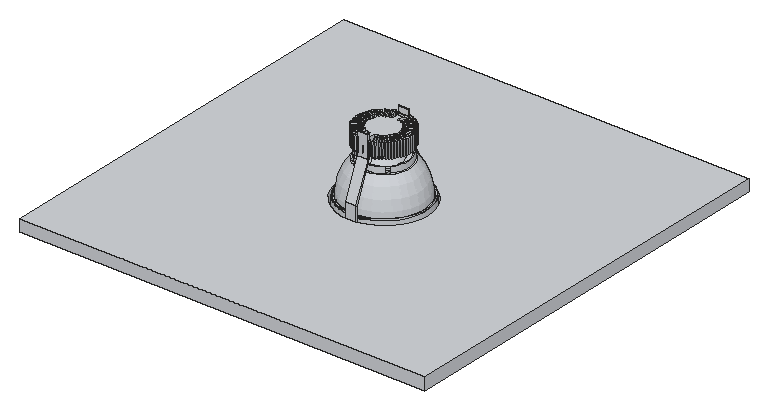
Revit family "VPX143 Corner Wallwasher", category Lighting Fixtures, Revit 2014
Parameters (values of type "VPX143 Corner Wallwasher")
  Wattage Comments = "19.5"
  Wattage = 19.5 W
  built-in parameter 1150110 = 1 (stored number, unit not read)
  Type Comments = "Recessed"
  Type = "VPX143 Corner Wallwasher"
  built-in parameter 1114217 = 1 (stored number, unit not read)
  Tilt Angle = 90.00°
  built-in parameter 1150109 = 1 (stored number, unit not read)
  built-in parameter 1150134 = (empty or 0)
  built-in parameter 1150113 = 1 (stored number, unit not read)
  Photometric Web File = "C3708.ies"
  O/A Diameter (mm) = "143"
  Model = "VPX143 Corner Wallwasher"
  Manufacturer = "Designed Architectural Lighting"
  Luminous flux of luminaire (lm) = "2000"
  Lumens = 1998.75 lm
  built-in parameter 1150115 = 1 (stored number, unit not read)
  built-in parameter 1150105 = 159.06 (stored number, unit not read)
  built-in parameter 1150137 = (empty or 0)
  built-in parameter 1150139 = (empty or 0)
  built-in parameter 1150112 = 1 (stored number, unit not read)
  built-in parameter 1150114 = 1 (stored number, unit not read)
  Lamp = "LED"
  built-in parameter 1150132 = (empty or 0)
  built-in parameter 1150102 = (empty or 0)
  built-in parameter 1150138 = (empty or 0)
  built-in parameter 1150107 = 3000 (stored number, unit not read)
  built-in parameter 1150106 = 1.5906 (stored number, unit not read)
  Height (mm) = "125"
  built-in parameter 1150104 = 9.5226 (stored number, unit not read)
  Dimming Lamp Color Temperature Shift = <None>
  Description = "Recessed low brightness LED corner wallwasher"
  Cut Out (mm) = "131"
  Colour temperature (K) = "27000/3000/3500/4000"
  Color Filter = 16777215
  CRI = "80"
  built-in parameter 1114218 = 1 (stored number, unit not read)
  built-in parameter 1150133 = 10 (stored number, unit not read)
  Apparent Load = 19.5 VA
  Aperture (mm) = "100"
Reference planes
  plane 1 "Light Source Axis (F/B)": y = 0
  plane 2: z = 0
  plane 3 "Light Source Axis (L/R)": x = 0
  plane 4 "Light Source Elevation": z = 0
Forms (mm)
  Revolve 1, solid
    sketch origin (0, 0, 0) x (0, 1, 0) y (0, 0, 1)
      loop
        line (32.218, 76.537) -> (28.444, 76.537)
        arc (28.444, 76.537) -> (26.215, 75.748) -> (24.979, 73.732) r 3.542
        arc (24.979, 73.732) -> (15.057, 61.32) -> (0, 56.241) r 28.205
        line (0, 56.241) -> (0, 53.625)
        arc (0, 53.625) -> (17.499, 59.158) -> (28.444, 73.891) r 29.818
        line (28.444, 73.891) -> (32.218, 73.891) -> (32.218, 76.537)
      axis (0, 76.537) -> (0, 53.625)
    angle from 0 to 360
  Extrusion 2, solid
    sketch origin (1.875, -0.625, 0) x (1, 0, 0) y (0, 1, 0)
      loop
        line (-8.491, -38.066) -> (-8.491, -39.735) -> (6.509, -39.735) -> (6.509, -38.066) -> (-8.491, -38.066)
    from 92.996 to 125.22
  Extrusion 3, solid
    sketch origin (2.075, 80.578, 0) x (1, 0, 0) y (0, 1, 0)
      loop
        line (-9.083, -44.263) -> (-9.083, -45.652) -> (5.917, -45.652) -> (5.917, -44.263) -> (-9.083, -44.263)
    from 92.996 to 126.242
  Extrusion 4, solid
    sketch origin (2.075, -30.991, 0) x (1, 0, 0) y (0, 1, 0)
      loop
        line (-8.69, -30.82) -> (-8.69, -32.379) -> (6.31, -32.379) -> (6.31, -30.82) -> (-8.69, -30.82)
    from 3.8 to 40.975
  Extrusion 5, solid
    sketch origin (2.075, -21.759, 34.16) x (1, 0, 0) y (0, 0.914866, -0.403758)
      loop
        line (-8.69, -39.191) -> (-8.69, -40.839) -> (6.31, -40.839) -> (6.31, -39.191) -> (-8.69, -39.191)
    from -10.751 to 47.238
  Extrusion 6, solid
    sketch origin (2.075, 94.051, 69.507) x (1, 0, 0) y (0, 0.889554, 0.45683)
      loop
        line (-9.083, -40.714) -> (-9.083, -41.951) -> (5.917, -41.951) -> (5.917, -40.714) -> (-9.083, -40.714)
    from -11.237 to 48.07
  Extrusion 7, solid
    sketch origin (2.075, 110.905, 0) x (1, 0, 0) y (0, 1, 0)
      loop
        line (-9.083, -47.907) -> (-9.083, -49.183) -> (5.917, -49.183) -> (5.917, -47.907) -> (-9.083, -47.907)
    from 3.8 to 40.975
  Revolve 8, solid
    sketch origin (0, -0.008, 0) x (0, 1, 0) y (0, 0, 1)
      loop
        line (71.987, 0) -> (71.987, 2.117) -> (63.944, 2.117) -> (63.944, 3.8) -> (61.663, 3.8) -> (61.663, 24.673) -> (60.84, 24.673) -> (60.84, 26.768) -> (59.68, 26.768) -> (59.68, 1.768) -> (61.999, 1.768) -> (61.999, 0) -> (71.987, 0)
      axis (0, 26.768) -> (0, 0)
    angle from 0 to 360
  Extrusion 9, solid
    sketch origin (-38.915, -66.166, 2.266) x (1, 0, 0) y (0, 1, 0)
      loop
        line (-261.085, 366.181) -> (-261.085, -233.819) -> (338.915, -233.819) -> (338.915, 366.181) -> (-261.085, 366.181)
      loop
        circle (38.915, 66.181) r 65.5
    from 0 to 18
  Revolve 10, solid
    sketch origin (0, 0, 0) x (0, 1, 0) y (0, 0, 1)
      loop
        line (32.58, 77.504) -> (25.618, 77.504) -> (19.543, 86.509)
        arc (19.543, 86.509) -> (19.242, 88.412) -> (20.857, 89.461) r 1.768
        line (20.857, 89.461) -> (27.065, 89.461)
        arc (27.065, 89.461) -> (28.652, 90.036) -> (29.779, 91.291) r 3.466
        line (29.779, 91.291) -> (29.779, 96.291) -> (28.776, 96.291) -> (28.776, 92.372)
        arc (28.776, 92.372) -> (28.206, 90.996) -> (26.83, 90.426) r 1.946
        line (26.83, 90.426) -> (20.734, 90.426)
        arc (20.734, 90.426) -> (18.503, 89.004) -> (18.665, 86.364) r 2.606
        line (18.665, 86.364) -> (25.283, 76.552) -> (32.58, 76.552) -> (32.58, 77.504)
      axis (0, 96.291) -> (0, 76.552)
    angle from 0 to 360
  Extrusion 11, solid
    sketch origin (0.632, -2.118, 0) x (0, 1, 0) y (-1, 0, 0)
      loop
        line (8.036, -21.346) -> (9.763, -25.224)
        arc (9.763, -25.224) -> (9.158, -26.377) -> (9.105, -27.677) r 2.965
        line (9.105, -27.677) -> (12.96, -37.219)
        arc (12.96, -37.219) -> (13.673, -37.522) -> (13.976, -36.809) r 0.548
        line (13.976, -36.809) -> (10.23, -27.537)
        arc (10.23, -27.537) -> (10.843, -26.092) -> (12.288, -26.705) r 1.11
        line (12.288, -26.705) -> (16.28, -35.672)
        arc (16.28, -35.672) -> (17.02, -35.956) -> (17.304, -35.216) r 0.56
        line (17.304, -35.216) -> (13.182, -25.959)
        arc (13.182, -25.959) -> (12.31, -24.958) -> (11.028, -24.618) r 2.262
        line (11.028, -24.618) -> (9.403, -20.596) -> (11.989, -19.445) -> (14.463, -22.849)
        arc (14.463, -22.849) -> (14.111, -24.102) -> (14.33, -25.385) r 2.965
        line (14.33, -25.385) -> (20.084, -33.917)
        arc (20.084, -33.917) -> (20.845, -34.065) -> (20.992, -33.305) r 0.548
        line (20.992, -33.305) -> (15.4, -25.014)
        arc (15.4, -25.014) -> (15.7, -23.474) -> (17.241, -23.773) r 1.11
        line (17.241, -23.773) -> (23.009, -31.713)
        arc (23.009, -31.713) -> (23.792, -31.837) -> (23.916, -31.055) r 0.56
        line (23.916, -31.055) -> (17.96, -22.857)
        arc (17.96, -22.857) -> (16.899, -22.059) -> (15.574, -21.994) r 2.262
        line (15.574, -21.994) -> (13.148, -18.397) -> (15.119, -16.427) -> (18.389, -19.585)
        arc (18.389, -19.585) -> (18.26, -20.88) -> (18.699, -22.105) r 2.965
        line (18.699, -22.105) -> (25.847, -29.508)
        arc (25.847, -29.508) -> (26.622, -29.522) -> (26.635, -28.747) r 0.548
        line (26.635, -28.747) -> (19.689, -21.554)
        arc (19.689, -21.554) -> (19.716, -19.985) -> (21.285, -20.012) r 1.11
        line (21.285, -20.012) -> (28.346, -26.83)
        arc (28.346, -26.83) -> (29.138, -26.816) -> (29.124, -26.024) r 0.56
        line (29.124, -26.024) -> (21.835, -18.985)
        arc (21.835, -18.985) -> (20.652, -18.383) -> (19.335, -18.549) r 2.262
        line (19.335, -18.549) -> (16.322, -15.429) -> (18.148, -13.304) -> (21.857, -15.622)
        arc (21.857, -15.622) -> (22.001, -16.916) -> (22.684, -18.023) r 2.965
        line (22.684, -18.023) -> (31.216, -23.778)
        arc (31.216, -23.778) -> (31.976, -23.63) -> (31.828, -22.87) r 0.548
        line (31.828, -22.87) -> (23.538, -17.278)
        arc (23.538, -17.278) -> (23.238, -15.737) -> (24.779, -15.438) r 1.11
        line (24.779, -15.438) -> (33.102, -20.639)
        arc (33.102, -20.639) -> (33.874, -20.461) -> (33.696, -19.689) r 0.56
        line (33.696, -19.689) -> (25.103, -14.319)
        arc (25.103, -14.319) -> (23.821, -13.977) -> (22.567, -14.412) r 2.262
        line (22.567, -14.412) -> (18.971, -11.987) -> (20.87, -9.394) -> (24.954, -10.962)
        arc (24.954, -10.962) -> (25.341, -12.204) -> (26.224, -13.161) r 2.965
        line (26.224, -13.161) -> (35.697, -17.182)
        arc (35.697, -17.182) -> (36.415, -16.892) -> (36.125, -16.174) r 0.548
        line (36.125, -16.174) -> (26.92, -12.267)
        arc (26.92, -12.267) -> (26.332, -10.811) -> (27.787, -10.224) r 1.11
        line (27.787, -10.224) -> (36.95, -13.741)
        arc (36.95, -13.741) -> (37.673, -13.419) -> (37.351, -12.695) r 0.56
        line (37.351, -12.695) -> (27.891, -9.063)
        arc (27.891, -9.063) -> (26.567, -8.972) -> (25.42, -9.639) r 2.262
        line (25.42, -9.639) -> (21.427, -7.944) -> (22.262, -3.209) -> (24.741, -3.209)
        arc (24.741, -3.209) -> (29.592, -5.948) -> (34.984, -7.347) r 21.462
        line (34.984, -7.347) -> (36.065, -8.428) -> (39.133, -8.428) -> (39.133, -7.36) -> (36.601, -7.36) -> (36.601, 7.64) -> (39.186, 7.64) -> (39.186, 8.514) -> (36.351, 8.514) -> (34.984, 7.592) -> (34.984, -2.408)
        arc (34.984, -2.408) -> (34.341, -3.853) -> (32.76, -3.798) r 1.415
        line (32.76, -3.798) -> (31.024, -2.537) -> (31.024, 3.409) -> (22.339, 3.409) -> (21.555, 7.853) -> (25.597, 9.568)
        arc (25.597, 9.568) -> (26.744, 8.901) -> (28.067, 8.992) r 2.262
        line (28.067, 8.992) -> (37.528, 12.624)
        arc (37.528, 12.624) -> (37.85, 13.348) -> (37.126, 13.67) r 0.56
        line (37.126, 13.67) -> (27.963, 10.153)
        arc (27.963, 10.153) -> (26.508, 10.741) -> (27.096, 12.196) r 1.11
        line (27.096, 12.196) -> (36.301, 16.103)
        arc (36.301, 16.103) -> (36.591, 16.821) -> (35.873, 17.111) r 0.548
        line (35.873, 17.111) -> (26.4, 13.09)
        arc (26.4, 13.09) -> (25.518, 12.133) -> (25.13, 10.891) r 2.965
        line (25.13, 10.891) -> (21.047, 9.323) -> (19.147, 11.916) -> (22.744, 14.341)
        arc (22.744, 14.341) -> (23.997, 13.906) -> (25.279, 14.248) r 2.262
        line (25.279, 14.248) -> (33.873, 19.618)
        arc (33.873, 19.618) -> (34.051, 20.39) -> (33.279, 20.568) r 0.56
        line (33.279, 20.568) -> (24.955, 15.367)
        arc (24.955, 15.367) -> (23.415, 15.666) -> (23.714, 17.207) r 1.11
        line (23.714, 17.207) -> (32.005, 22.799)
        arc (32.005, 22.799) -> (32.152, 23.559) -> (31.392, 23.707) r 0.548
        line (31.392, 23.707) -> (22.861, 17.952)
        arc (22.861, 17.952) -> (22.177, 16.845) -> (22.034, 15.551) r 2.965
        line (22.034, 15.551) -> (18.324, 13.233) -> (16.498, 15.358) -> (19.512, 18.478)
        arc (19.512, 18.478) -> (20.828, 18.312) -> (22.011, 18.914) r 2.262
        line (22.011, 18.914) -> (29.3, 25.953)
        arc (29.3, 25.953) -> (29.314, 26.745) -> (28.522, 26.759) r 0.56
        line (28.522, 26.759) -> (21.462, 19.941)
        arc (21.462, 19.941) -> (19.893, 19.914) -> (19.865, 21.483) r 1.11
        line (19.865, 21.483) -> (26.812, 28.676)
        arc (26.812, 28.676) -> (26.798, 29.451) -> (26.024, 29.437) r 0.548
        line (26.024, 29.437) -> (18.875, 22.034)
        arc (18.875, 22.034) -> (18.437, 20.809) -> (18.566, 19.514) r 2.965
        line (18.566, 19.514) -> (15.419, 16.475) -> (13.325, 18.326) -> (15.751, 21.923)
        arc (15.751, 21.923) -> (17.076, 21.988) -> (18.136, 22.786) r 2.262
        line (18.136, 22.786) -> (24.092, 30.984)
        arc (24.092, 30.984) -> (23.969, 31.766) -> (23.186, 31.642) r 0.56
        line (23.186, 31.642) -> (17.417, 23.702)
        arc (17.417, 23.702) -> (15.876, 23.403) -> (15.577, 24.943) r 1.11
        line (15.577, 24.943) -> (21.169, 33.234)
        arc (21.169, 33.234) -> (21.021, 33.994) -> (20.261, 33.846) r 0.548
        line (20.261, 33.846) -> (14.506, 25.315)
        arc (14.506, 25.315) -> (14.287, 24.031) -> (14.639, 22.778) r 2.965
        line (14.639, 22.778) -> (12.068, 19.24) -> (9.579, 20.525) -> (11.204, 24.548)
        arc (11.204, 24.548) -> (12.487, 24.887) -> (13.358, 25.888) r 2.262
        line (13.358, 25.888) -> (17.48, 35.145)
        arc (17.48, 35.145) -> (17.196, 35.885) -> (16.456, 35.601) r 0.56
        line (16.456, 35.601) -> (12.464, 26.634)
        arc (12.464, 26.634) -> (11.02, 26.021) -> (10.406, 27.466) r 1.11
        line (10.406, 27.466) -> (14.152, 36.738)
        arc (14.152, 36.738) -> (13.85, 37.451) -> (13.137, 37.148) r 0.548
        line (13.137, 37.148) -> (9.282, 27.606)
        arc (9.282, 27.606) -> (9.334, 26.306) -> (9.939, 25.153) r 2.965
        line (9.939, 25.153) -> (8.16, 21.157) -> (5.456, 21.949) -> (6.209, 26.222)
        arc (6.209, 26.222) -> (7.393, 26.82) -> (8.038, 27.98) r 2.262
        line (8.038, 27.98) -> (10.144, 37.892)
        arc (10.144, 37.892) -> (9.713, 38.557) -> (9.048, 38.125) r 0.56
        line (9.048, 38.125) -> (7.008, 28.525)
        arc (7.008, 28.525) -> (5.722, 27.625) -> (4.822, 28.91) r 1.11
        line (4.822, 28.91) -> (6.558, 38.758)
        arc (6.558, 38.758) -> (6.114, 39.393) -> (5.48, 38.949) r 0.548
        line (5.48, 38.949) -> (3.693, 28.814)
        arc (3.693, 28.814) -> (4.015, 27.553) -> (4.846, 26.551) r 2.965
        line (4.846, 26.551) -> (3.936, 22.272) -> (0.629, 22.571) -> (0.629, 26.945)
        arc (0.629, 26.945) -> (1.65, 27.752) -> (2.227, 28.919) r 2.965
        line (2.227, 28.919) -> (2.586, 39.204)
        arc (2.586, 39.204) -> (2.058, 39.77) -> (1.492, 39.242) r 0.548
        line (1.492, 39.242) -> (1.143, 29.248)
        arc (1.143, 29.248) -> (-0.005, 28.178) -> (-1.076, 29.325) r 1.11
        line (-1.076, 29.325) -> (-1.076, 39.14)
        arc (-1.076, 39.14) -> (-1.636, 39.7) -> (-2.196, 39.14) r 0.56
        line (-2.196, 39.14) -> (-2.196, 29.007)
        arc (-2.196, 29.007) -> (-1.807, 27.738) -> (-0.773, 26.906) r 2.262
        line (-0.773, 26.906) -> (-0.925, 22.571) -> (-3.664, 22.35) -> (-4.573, 26.629)
        arc (-4.573, 26.629) -> (-3.742, 27.631) -> (-3.42, 28.892) r 2.965
        line (-3.42, 28.892) -> (-5.207, 39.026)
        arc (-5.207, 39.026) -> (-5.842, 39.471) -> (-6.286, 38.836) r 0.548
        line (-6.286, 38.836) -> (-4.55, 28.988)
        arc (-4.55, 28.988) -> (-5.45, 27.703) -> (-6.735, 28.603) r 1.11
        line (-6.735, 28.603) -> (-8.776, 38.203)
        arc (-8.776, 38.203) -> (-9.441, 38.635) -> (-9.872, 37.97) r 0.56
        line (-9.872, 37.97) -> (-7.765, 28.058)
        arc (-7.765, 28.058) -> (-7.121, 26.898) -> (-5.937, 26.3) r 2.262
        line (-5.937, 26.3) -> (-5.184, 22.027) -> (-7.888, 21.235) -> (-9.667, 25.231)
        arc (-9.667, 25.231) -> (-9.062, 26.384) -> (-9.009, 27.684) r 2.965
        line (-9.009, 27.684) -> (-12.864, 37.226)
        arc (-12.864, 37.226) -> (-13.577, 37.529) -> (-13.88, 36.816) r 0.548
        line (-13.88, 36.816) -> (-10.134, 27.544)
        arc (-10.134, 27.544) -> (-10.747, 26.099) -> (-12.192, 26.712) r 1.11
        line (-12.192, 26.712) -> (-16.184, 35.679)
        arc (-16.184, 35.679) -> (-16.924, 35.963) -> (-17.208, 35.223) r 0.56
        line (-17.208, 35.223) -> (-13.086, 25.966)
        arc (-13.086, 25.966) -> (-12.215, 24.965) -> (-10.932, 24.625) r 2.262
        line (-10.932, 24.625) -> (-9.307, 20.603) -> (-11.796, 19.318) -> (-14.367, 22.856)
        arc (-14.367, 22.856) -> (-14.015, 24.109) -> (-14.234, 25.393) r 2.965
        line (-14.234, 25.393) -> (-19.988, 33.924)
        arc (-19.988, 33.924) -> (-20.749, 34.072) -> (-20.897, 33.312) r 0.548
        line (-20.897, 33.312) -> (-15.305, 25.021)
        arc (-15.305, 25.021) -> (-15.604, 23.481) -> (-17.145, 23.78) r 1.11
        line (-17.145, 23.78) -> (-22.914, 31.72)
        arc (-22.914, 31.72) -> (-23.696, 31.844) -> (-23.82, 31.062) r 0.56
        line (-23.82, 31.062) -> (-17.864, 22.864)
        arc (-17.864, 22.864) -> (-16.804, 22.066) -> (-15.478, 22.001) r 2.262
        line (-15.478, 22.001) -> (-13.053, 18.404) -> (-15.147, 16.553) -> (-18.293, 19.592)
        arc (-18.293, 19.592) -> (-18.165, 20.887) -> (-18.603, 22.112) r 2.965
        line (-18.603, 22.112) -> (-25.752, 29.515)
        arc (-25.752, 29.515) -> (-26.526, 29.529) -> (-26.54, 28.754) r 0.548
        line (-26.54, 28.754) -> (-19.593, 21.561)
        arc (-19.593, 21.561) -> (-19.62, 19.992) -> (-21.19, 20.019) r 1.11
        line (-21.19, 20.019) -> (-28.25, 26.837)
        arc (-28.25, 26.837) -> (-29.042, 26.823) -> (-29.028, 26.031) r 0.56
        line (-29.028, 26.031) -> (-21.739, 18.992)
        arc (-21.739, 18.992) -> (-20.556, 18.39) -> (-19.24, 18.556) r 2.262
        line (-19.24, 18.556) -> (-16.226, 15.436) -> (-18.052, 13.311) -> (-21.761, 15.629)
        arc (-21.761, 15.629) -> (-21.905, 16.923) -> (-22.588, 18.03) r 2.965
        line (-22.588, 18.03) -> (-31.12, 23.785)
        arc (-31.12, 23.785) -> (-31.88, 23.637) -> (-31.732, 22.877) r 0.548
        line (-31.732, 22.877) -> (-23.442, 17.285)
        arc (-23.442, 17.285) -> (-23.143, 15.744) -> (-24.683, 15.445) r 1.11
        line (-24.683, 15.445) -> (-33.007, 20.646)
        arc (-33.007, 20.646) -> (-33.779, 20.468) -> (-33.6, 19.696) r 0.56
        line (-33.6, 19.696) -> (-25.007, 14.326)
        arc (-25.007, 14.326) -> (-23.725, 13.984) -> (-22.472, 14.419) r 2.262
        line (-22.472, 14.419) -> (-18.979, 12.063) -> (-20.774, 9.401) -> (-24.858, 10.969)
        arc (-24.858, 10.969) -> (-25.245, 12.211) -> (-26.128, 13.168) r 2.965
        line (-26.128, 13.168) -> (-35.601, 17.189)
        arc (-35.601, 17.189) -> (-36.319, 16.899) -> (-36.029, 16.181) r 0.548
        line (-36.029, 16.181) -> (-26.824, 12.274)
        arc (-26.824, 12.274) -> (-26.236, 10.819) -> (-27.691, 10.231) r 1.11
        line (-27.691, 10.231) -> (-36.854, 13.748)
        arc (-36.854, 13.748) -> (-37.578, 13.426) -> (-37.255, 12.702) r 0.56
        line (-37.255, 12.702) -> (-27.795, 9.07)
        arc (-27.795, 9.07) -> (-26.471, 8.979) -> (-25.324, 9.646) r 2.262
        line (-25.324, 9.646) -> (-21.289, 7.933) -> (-22.142, 3.096) -> (-24.544, 3.096)
        arc (-24.544, 3.096) -> (-29.395, 5.836) -> (-34.788, 7.235) r 21.462
        line (-34.788, 7.235) -> (-35.869, 8.316) -> (-38.936, 8.316) -> (-38.936, 7.247) -> (-36.404, 7.247) -> (-36.404, -7.753) -> (-38.989, -7.753) -> (-38.989, -8.626) -> (-36.154, -8.626) -> (-34.788, -7.705) -> (-34.788, 2.295)
        arc (-34.788, 2.295) -> (-34.144, 3.741) -> (-32.563, 3.686) r 1.415
        line (-32.563, 3.686) -> (-30.827, 2.424) -> (-30.827, -3.521) -> (-22.142, -3.521) -> (-21.155, -7.866) -> (-25.148, -9.561)
        arc (-25.148, -9.561) -> (-26.295, -8.894) -> (-27.619, -8.985) r 2.262
        line (-27.619, -8.985) -> (-37.079, -12.617)
        arc (-37.079, -12.617) -> (-37.401, -13.341) -> (-36.677, -13.663) r 0.56
        line (-36.677, -13.663) -> (-27.514, -10.146)
        arc (-27.514, -10.146) -> (-26.059, -10.734) -> (-26.647, -12.189) r 1.11
        line (-26.647, -12.189) -> (-35.852, -16.096)
        arc (-35.852, -16.096) -> (-36.142, -16.814) -> (-35.424, -17.104) r 0.548
        line (-35.424, -17.104) -> (-25.951, -13.083)
        arc (-25.951, -13.083) -> (-25.069, -12.126) -> (-24.681, -10.884) r 2.965
        line (-24.681, -10.884) -> (-20.598, -9.316) -> (-18.802, -11.978) -> (-22.295, -14.334)
        arc (-22.295, -14.334) -> (-23.548, -13.899) -> (-24.83, -14.241) r 2.262
        line (-24.83, -14.241) -> (-33.424, -19.611)
        arc (-33.424, -19.611) -> (-33.602, -20.383) -> (-32.83, -20.561) r 0.56
        line (-32.83, -20.561) -> (-24.507, -15.36)
        arc (-24.507, -15.36) -> (-22.966, -15.659) -> (-23.266, -17.2) r 1.11
        line (-23.266, -17.2) -> (-31.556, -22.792)
        arc (-31.556, -22.792) -> (-31.704, -23.552) -> (-30.943, -23.7) r 0.548
        line (-30.943, -23.7) -> (-22.412, -17.945)
        arc (-22.412, -17.945) -> (-21.728, -16.838) -> (-21.585, -15.544) r 2.965
        line (-21.585, -15.544) -> (-17.876, -13.226) -> (-16.05, -15.351) -> (-19.063, -18.471)
        arc (-19.063, -18.471) -> (-20.38, -18.305) -> (-21.562, -18.907) r 2.262
        line (-21.562, -18.907) -> (-28.852, -25.946)
        arc (-28.852, -25.946) -> (-28.866, -26.738) -> (-28.073, -26.752) r 0.56
        line (-28.073, -26.752) -> (-21.013, -19.934)
        arc (-21.013, -19.934) -> (-19.444, -19.907) -> (-19.417, -21.476) r 1.11
        line (-19.417, -21.476) -> (-26.363, -28.669)
        arc (-26.363, -28.669) -> (-26.35, -29.444) -> (-25.575, -29.43) r 0.548
        line (-25.575, -29.43) -> (-18.426, -22.027)
        arc (-18.426, -22.027) -> (-17.988, -20.802) -> (-18.117, -19.507) r 2.965
        line (-18.117, -19.507) -> (-14.971, -16.468) -> (-12.876, -18.319) -> (-15.302, -21.916)
        arc (-15.302, -21.916) -> (-16.627, -21.981) -> (-17.688, -22.779) r 2.262
        line (-17.688, -22.779) -> (-23.644, -30.977)
        arc (-23.644, -30.977) -> (-23.52, -31.759) -> (-22.737, -31.635) r 0.56
        line (-22.737, -31.635) -> (-16.968, -23.695)
        arc (-16.968, -23.695) -> (-15.428, -23.396) -> (-15.128, -24.936) r 1.11
        line (-15.128, -24.936) -> (-20.72, -33.227)
        arc (-20.72, -33.227) -> (-20.572, -33.987) -> (-19.812, -33.839) r 0.548
        line (-19.812, -33.839) -> (-14.057, -25.308)
        arc (-14.057, -25.308) -> (-13.838, -24.024) -> (-14.19, -22.771) r 2.965
        line (-14.19, -22.771) -> (-11.619, -19.233) -> (-9.13, -20.518) -> (-10.756, -24.541)
        arc (-10.756, -24.541) -> (-12.038, -24.88) -> (-12.91, -25.881) r 2.262
        line (-12.91, -25.881) -> (-17.031, -35.138)
        arc (-17.031, -35.138) -> (-16.747, -35.878) -> (-16.008, -35.594) r 0.56
        line (-16.008, -35.594) -> (-12.016, -26.627)
        arc (-12.016, -26.627) -> (-10.571, -26.014) -> (-9.958, -27.459) r 1.11
        line (-9.958, -27.459) -> (-13.704, -36.731)
        arc (-13.704, -36.731) -> (-13.401, -37.444) -> (-12.688, -37.141) r 0.548
        line (-12.688, -37.141) -> (-8.833, -27.599)
        arc (-8.833, -27.599) -> (-8.886, -26.299) -> (-9.49, -25.146) r 2.965
        line (-9.49, -25.146) -> (-7.711, -21.15) -> (-5.621, -22.23) -> (-6.224, -26.518)
        arc (-6.224, -26.518) -> (-7.386, -27.158) -> (-7.99, -28.34) r 2.262
        line (-7.99, -28.34) -> (-9.749, -38.319)
        arc (-9.749, -38.319) -> (-9.295, -38.968) -> (-8.646, -38.514) r 0.56
        line (-8.646, -38.514) -> (-6.942, -28.848)
        arc (-6.942, -28.848) -> (-5.688, -27.904) -> (-4.744, -29.157) r 1.11
        line (-4.744, -29.157) -> (-6.135, -39.06)
        arc (-6.135, -39.06) -> (-5.669, -39.678) -> (-5.051, -39.212) r 0.548
        line (-5.051, -39.212) -> (-3.618, -29.021)
        arc (-3.618, -29.021) -> (-3.984, -27.772) -> (-4.85, -26.8) r 2.965
        line (-4.85, -26.8) -> (-4.09, -22.492) -> (-0.819, -23.069) -> (-0.666, -27.446)
        arc (-0.666, -27.446) -> (-1.7, -28.278) -> (-2.089, -29.546) r 2.262
        line (-2.089, -29.546) -> (-2.089, -39.679)
        arc (-2.089, -39.679) -> (-1.529, -40.24) -> (-0.968, -39.679) r 0.56
        line (-0.968, -39.679) -> (-0.968, -29.865)
        arc (-0.968, -29.865) -> (0.102, -28.717) -> (1.25, -29.787) r 1.11
        line (1.25, -29.787) -> (1.599, -39.781)
        arc (1.599, -39.781) -> (2.165, -40.309) -> (2.694, -39.743) r 0.548
        line (2.694, -39.743) -> (2.334, -29.458)
        arc (2.334, -29.458) -> (1.757, -28.291) -> (0.736, -27.484) r 2.965
        line (0.736, -27.484) -> (0.736, -23.11) -> (4.345, -22.474) -> (5.122, -26.878)
        arc (5.122, -26.878) -> (4.256, -27.85) -> (3.891, -29.099) r 2.965
        line (3.891, -29.099) -> (5.323, -39.29)
        arc (5.323, -39.29) -> (5.941, -39.756) -> (6.408, -39.138) r 0.548
        line (6.408, -39.138) -> (5.016, -29.235)
        arc (5.016, -29.235) -> (5.96, -27.981) -> (7.214, -28.926) r 1.11
        line (7.214, -28.926) -> (8.918, -38.592)
        arc (8.918, -38.592) -> (9.567, -39.046) -> (10.022, -38.397) r 0.56
        line (10.022, -38.397) -> (8.262, -28.418)
        arc (8.262, -28.418) -> (7.658, -27.236) -> (6.496, -26.596) r 2.262
        line (6.496, -26.596) -> (5.892, -22.3) -> (8.036, -21.346)
    from 96.291 to 117.627
  Revolve 12, solid
    sketch origin (0, 0.01, 1.25) x (0, 1, 0) y (0, 0, 1)
      loop
        line (53.08, 1.419) -> (52.339, -1.094) -> (61.499, -1.094) -> (61.499, 0.325) -> (54.149, 0.325) -> (54.471, 1.419) -> (54.832, 2.643)
        arc (54.832, 2.643) -> (56.16, 39.832) -> (39.444, 73.079) r 74.979
        line (39.444, 73.079) -> (36.165, 73.079) -> (36.165, 81.192) -> (34.654, 81.192) -> (34.654, 71.192) -> (38.773, 71.192)
        arc (38.773, 71.192) -> (55.028, 38.172) -> (53.08, 1.419) r 72.895
      axis (0, 81.192) -> (0, -1.094)
    angle from 0 to 360
  Extrusion 13, void
    sketch origin (0, 0, -146.25) x (0, 1, 0) y (0, 0, 1)
      loop
        line (27.111, 231.25) -> (-27.87, 231.25) -> (-27.87, 142.627) -> (27.111, 142.627) -> (27.111, 231.25)
    from -27.98 to 28.309
Cuts and joins
  Extrusion 13 cuts Revolve 12
Dimensions and locks
  aligned and locked: plane 3 "Light Source Axis (L/R)" to imposter light
  aligned and locked: plane 1 "Light Source Axis (F/B)" to imposter light
  aligned and locked: plane 4 "Light Source Elevation" to imposter light
  aligned and locked: level to plane 2
